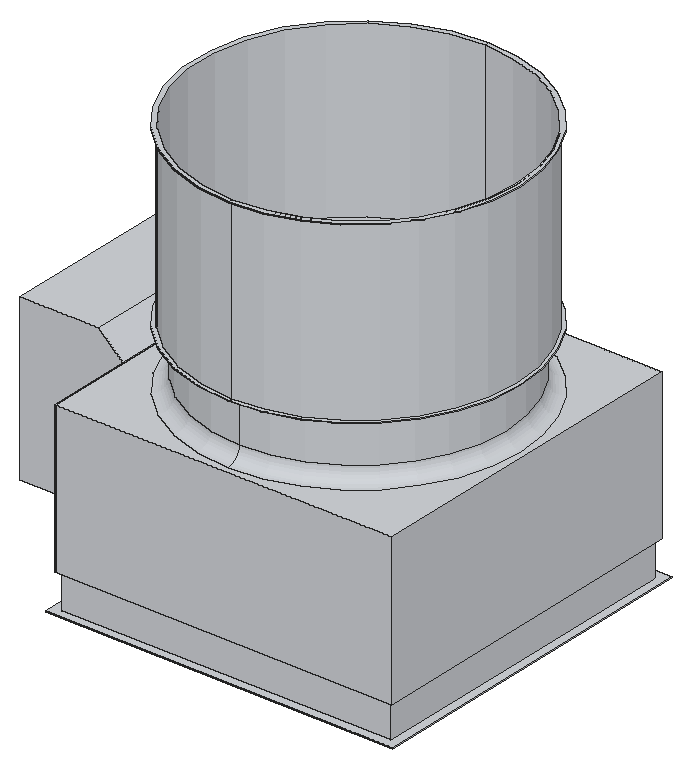
Revit family "LEUMO", category Mechanical Equipment, Revit 2019
Family settings
  Round Connector Dimension = Use Diameter
  Part Type = Normal
  Work Plane-Based = No
  Always vertical = Yes
  Cut with Voids When Loaded = No
  Shared = No
  Room Calculation Point = No
Parameters (values of type "60_LEUMO")
  T_SQ/4 = T_SQ / 4  # 17 29/32"
  RO = T_SQ - 4 1/2"  # 67 1/8"
  Unit Weight [instance] = ""
  T_SQ/2 = T_SQ / 2  # 35 13/16"
  T_SQ = 71 5/8"
  Sones [instance] = ""
  RO/2 = RO / 2  # 33 9/16"
  Motor RPM [instance] = ""
  Motor Enclosure [instance] = ""
  ModelID [instance] = ""
  LwA [instance] = ""
  Fan RPM [instance] = ""
  CH [instance] = if(CURB, CURB_HEIGHT, 0")  # 9 1/2"
  BASE_LOCATION [instance] = if(CURB, CURB_HEIGHT - 2", 0")  # 7 1/2"
  B = 32"
  CURB_HEIGHT [instance] = 9 1/2"
  CURB [instance] = yes
  WB HEIGHT = C / 4 * 3  # 38 1/16"
  C/2 = C / 2  # 25 3/8"
  C = 50 3/4"
  Accessories [instance] = ""
  D/2 = D / 2  # 33 5/8"
  D = 67 1/4"
  A = 93 11/16"
  3" = 3"  # constant formula
  Brake Hp [instance] = ""
  4" = 4"  # constant formula
  2' = 24"
  2" = 2"  # constant formula
  1' = 12"  # constant formula
  1" = 1"  # constant formula
  0 = 0"  # constant formula
  Voltage [instance] = 0 V
  URL = "www.lorencook.com"
  Type Comments = "Upblast Exhaust Ventilator Low Pressure X-Stream Propeller Roof Mounted/Belt Drive"  # constant formula
  Static Pressure [instance] = 0.00 in-wg
  Power [instance] = Voltage * Motor FLA * sqrt(if(Phase = 3, 3, 1))  # 0 VA
  Phase [instance] = 0
  Number of Poles [instance] = 1
  Motor Hp [instance] = "0"
  Motor FLA [instance] = 0 A
  Model = "LXULMO"  # constant formula
  Manufacturer = "Loren Cook Company"
  CFM [instance] = 0 CFM
  1.5 = 1 1/2"  # constant formula
  ONE EIGTH = 1/8"  # constant formula
  -T_SQ/4 = -T_SQ / 4  # -17 29/32"
  -D+4" = -21"
  -D+2" = -23"
  -D = -25"
  (T_SQ/2)+.125" = (T_SQ / 2) + 1/8"  # 35 15/16"
  (D/2)-2" = (D / 2) - 2"  # 31 5/8"
Types (9): name | T_SQ/4 | RO | Unit Weight | T_SQ/2 | T_SQ | RO/2 | B | WB HEIGHT | C/2 | C | D/2 | D | A | -T_SQ/4 | -D+4" | -D+2" | -D | (T_SQ/2)+.125" | (D/2)-2"
  (no name) | 17 29/32" | 67 1/8" | "" | 35 13/16" | 71 5/8" | 33 9/16" | 32" | 38 1/16" | 25 3/8" | 50 3/4" | 33 5/8" | 67 1/4" | 93 11/16" | -17 29/32" | -21" | -23" | -25" | 35 15/16" | 31 5/8"
  20_LEUMO | 7 29/32" | 27 1/8" | "250" | 15 13/16" | 31 5/8" | 13 9/16" | 22" | 18 27/32" | 12 9/16" | 25 1/8" | 13 5/8" | 27 1/4" | 44 13/16" | -7 29/32" | -15" | -17" | -19" | 15 15/16" | 11 5/8"
  24_LEUMO | 8 29/32" | 31 1/8" | "" | 17 13/16" | 35 5/8" | 15 9/16" | 22" | 20 1/16" | 13 3/8" | 26 3/4" | 15 5/8" | 31 1/4" | 48 13/16" | -8 29/32" | -14" | -16" | -18" | 17 15/16" | 13 5/8"
  30_LEUMO | 10 13/32" | 37 1/8" | "" | 20 13/16" | 41 5/8" | 18 9/16" | 22" | 25 5/16" | 16 7/8" | 33 3/4" | 18 5/8" | 37 1/4" | 54 13/16" | -10 13/32" | -14" | -16" | -18" | 20 15/16" | 16 5/8"
  36_LEUMO | 11 29/32" | 43 1/8" | "" | 23 13/16" | 47 5/8" | 21 9/16" | 24" | 28 1/2" | 19" | 38" | 21 5/8" | 43 1/4" | 64 13/16" | -11 29/32" | -14" | -16" | -18" | 23 15/16" | 19 5/8"
  42_LEUMO | 13 13/32" | 49 1/8" | "" | 26 13/16" | 53 5/8" | 24 9/16" | 24" | 34 25/32" | 23 3/16" | 46 3/8" | 24 5/8" | 49 1/4" | 70 11/16" | -13 13/32" | -14" | -16" | -18" | 26 15/16" | 22 5/8"
  48_LEUMO | 14 29/32" | 55 1/8" | "" | 29 13/16" | 59 5/8" | 27 9/16" | 24" | 37 7/32" | 24 13/16" | 49 5/8" | 27 5/8" | 55 1/4" | 76 11/16" | -14 29/32" | -17" | -19" | -21" | 29 15/16" | 25 5/8"
  54_LEUMO | 16 13/32" | 61 1/8" | "" | 32 13/16" | 65 5/8" | 30 9/16" | 28" | 36" | 24" | 48" | 30 5/8" | 61 1/4" | 83 11/16" | -16 13/32" | -21" | -23" | -25" | 32 15/16" | 28 5/8"
  60_LEUMO | 17 29/32" | 67 1/8" | "" | 35 13/16" | 71 5/8" | 33 9/16" | 32" | 38 1/16" | 25 3/8" | 50 3/4" | 33 5/8" | 67 1/4" | 93 11/16" | -17 29/32" | -21" | -23" | -25" | 35 15/16" | 31 5/8"
Reference planes (in)
  plane 1 "Center (Front/Back)": y = 0
  plane 2: z = 0
  plane 3 "Center (Left/Right)": x = 0.40541
  plane 4: z = 9.5
  plane 5: z = 7.5
Forms (in)
  Extrusion 1, solid
    sketch origin (-23.38441, -180, 7.5) x (-1, 0, 0) y (0, -1, 0)
      loop
        line (12.14767, -215.9375) -> (12.14767, -144.0625) -> (-59.72733, -144.0625) -> (-59.72733, -215.9375) -> (12.14767, -215.9375)
    from 0 to 32 <- "B"
  Extrusion 2, void
    sketch origin (-23.38441, -180, 39.5) x (0, -1, 0) y (-1, 0, 0)
      loop
        line (-215.8125, 12.02267) -> (-215.8125, -59.60233) -> (-144.1875, -59.60233) -> (-144.1875, 12.02267) -> (-215.8125, 12.02267)
    from 0.125 to 32 <- "B"
  Revolve 3, solid
    sketch origin (0.40541, 0, 0) x (0, 1, 0) y (0, 0, 1)
      loop
        line (0, 39.5) -> (0, 54.5) -> (-31.625, 54.5) -> (-31.625, 42.5)
        arc (-31.625, 42.5) -> (-32.50368, 40.37868) -> (-34.625, 39.5) r 3
        line (-34.625, 39.5) -> (0, 39.5)
      axis (0, 39.5) -> (0, 54.5)
    angle from 0 to 360
  Revolve 4, solid
    sketch origin (0.40541, 0, 0) x (0, 1, 0) y (0, 0, 1)
      loop
        line (-34.625, 90.25) -> (-34.625, 90.125) -> (-33.75, 90.125) -> (-33.75, 52.3125) -> (-34.625, 52.3125) -> (-34.625, 52.1875) -> (-33.625, 52.1875) -> (-33.625, 90.25) -> (-34.625, 90.25)
      axis (0, 52.1875) -> (0, 90.25)
    angle from 0 to 360
  Extrusion 5, solid, visible <- "CURB"
    sketch origin (27.16619, -180, 9.5) x (0, -1, 0) y (-1, 0, 0)
      loop
        line (-213.5625, 60.32327) -> (-213.5625, -6.80173) -> (-146.4375, -6.80173) -> (-146.4375, 60.32327) -> (-213.5625, 60.32327)
      loop
        line (-144.9375, -8.30173) -> (-144.9375, 61.82327) -> (-215.0625, 61.82327) -> (-215.0625, -8.30173) -> (-144.9375, -8.30173)
    from 0 to 9.5 <- "CURB_HEIGHT"
  Extrusion 6, solid, visible <- "CURB"
    sketch origin (27.16619, -180, 0) x (1, 0, 0) y (0, -1, 0)
      loop
        line (-61.82327, -215.0625) -> (8.30173, -215.0625) -> (8.30173, -144.9375) -> (-61.82327, -144.9375) -> (-61.82327, -215.0625)
      loop
        line (-63.82327, -217.0625) -> (10.30173, -217.0625) -> (10.30173, -142.9375) -> (-63.82327, -142.9375) -> (-63.82327, -217.0625)
    from 0 to -0.125
  Extrusion 7, solid
    sketch origin (0, 0, 0) x (1, 0, 0) y (0, 0, 1)
      loop
        line (-35.53209, 9.5) -> (-35.53209, 39.5) -> (-40.53209, 44.5) -> (-57.34459, 44.5) -> (-57.34459, 9.5) -> (-35.53209, 9.5)
    from 17.90625 <- "T_SQ/4" to -17.90625 <- "-T_SQ/4"
  Extrusion 8, solid
    sketch origin (27.16619, -180, 9.5) x (0, -1, 0) y (-1, 0, 0)
      loop
        line (-215.8125, 62.57327) -> (-215.8125, -9.05173) -> (-144.1875, -9.05173) -> (-144.1875, 62.57327) -> (-215.8125, 62.57327)
      loop
        line (-144.9375, -8.30173) -> (-144.9375, 61.82327) -> (-215.0625, 61.82327) -> (-215.0625, -8.30173) -> (-144.9375, -8.30173)
    from 0 to -0.125
Cuts and joins
  Extrusion 2 cuts Extrusion 1
Dimensions and locks (in)
  "(T_SQ/2)+.125"": Extrusion 1 sketch curve to plane 3 "Center (Left/Right)"
  "(T_SQ/2)+.125"": plane 3 "Center (Left/Right)" to Extrusion 1 sketch curve
  "(T_SQ/2)+.125"": plane 1 "Center (Front/Back)" to Extrusion 1 sketch curve
  "(T_SQ/2)+.125"": Extrusion 1 sketch curve to plane 1 "Center (Front/Back)"
  "T_SQ/2": Extrusion 2 sketch curve to plane 3 "Center (Left/Right)"
  "T_SQ/2": plane 3 "Center (Left/Right)" to Extrusion 2 sketch curve
  "T_SQ/2": plane 1 "Center (Front/Back)" to Extrusion 2 sketch curve
  "T_SQ/2": Extrusion 2 sketch curve to plane 1 "Center (Front/Back)"
  "(D/2)-2"": plane 1 "Center (Front/Back)" to Revolve 3 sketch curve
  "1'": Revolve 3 sketch curve to Revolve 3 sketch curve
  "0": Revolve 3 sketch curve to cut or joined group of Extrusion 1, Extrusion 2
  "0": Revolve 3 sketch curve to plane 1 "Center (Front/Back)"  (x2)
  "D/2": plane 1 "Center (Front/Back)" to Revolve 4 sketch curve
  "ONE EIGTH": Revolve 4 sketch curve to Revolve 4 sketch curve  (x3)
  "C": Revolve 4 sketch curve to cut or joined group of Extrusion 1, Extrusion 2
  "1"": Revolve 4 sketch curve to Revolve 4 sketch curve  (x2)
  "WB HEIGHT": Revolve 4 sketch curve to Revolve 4 sketch curve
  "0": Revolve 4 sketch curve to plane 1 "Center (Front/Back)"
  "1.5": Extrusion 5 sketch curve to Extrusion 5 sketch curve  (x4)
  "RO/2": Extrusion 5 sketch curve to plane 3 "Center (Left/Right)"
  "RO/2": plane 3 "Center (Left/Right)" to Extrusion 5 sketch curve
  "RO/2": plane 1 "Center (Front/Back)" to Extrusion 5 sketch curve
  "RO/2": Extrusion 5 sketch curve to plane 1 "Center (Front/Back)"
  "0": Extrusion 5 to Extrusion 6 sketch curve  (x2)
  "0": Extrusion 6 sketch curve to Extrusion 5  (x2)
  "CH": plane 4 to level
  "BASE_LOCATION": plane 5 to level
  locked: Extrusion 7 sketch curve to plane 5 at 2
  "A": cut or joined group of Extrusion 1, Extrusion 2 to Extrusion 7 sketch curve
  "2"": Extrusion 6 sketch curve to Extrusion 6 sketch curve  (x4)
  "3"": radius of Revolve 3 sketch curve
  aligned and locked: Extrusion 7 sketch curve to cut or joined group of Extrusion 1, Extrusion 2
  aligned and locked: cut or joined group of Extrusion 1, Extrusion 2 to Extrusion 7 sketch curve
  aligned and locked: Extrusion 8 sketch curve to cut or joined group of Extrusion 1, Extrusion 2  (x4)
  aligned and locked: Extrusion 8 sketch curve to Extrusion 5  (x4)
Automatic sketch dimensions
  Revolve 3 sketch curve to Revolve 3 sketch curve = 0"
  Revolve 3 sketch curve to Revolve 3 sketch curve = 2 1/4"
  Revolve 4 sketch curve to Revolve 4 sketch curve = 1 3/4"
  Revolve 4 sketch curve to Revolve 4 sketch curve = 2"
  Extrusion 7 sketch curve to Extrusion 7 sketch curve = 5"  (x2)
Connectors (in)
  hvac at (0.40541, 0, 9.5), driven by "CFM", driven by "RO", driven by "RO"
    settings: on Extrusion 8, index 4, duct flow 0 CFM, flow factor 0, pres drop 0.00 in-wg, loss coef 0, conn angle 0.00°, conn width 67 1/8", conn height 67 1/8", conn diameter 24", duct sys type 3, conn prof type 1, flow config 0, flow direction 1, loss method 0, conn ref index -1, conn util no, is conn primary yes, conn desc ""
  electrical at (-46.43834, 0, 9.5), driven by "Number of Poles", driven by "Voltage", driven by "Power"
    settings: on Extrusion 7, index 5, voltage 0 V, apparent load 0 VA, apparent load phase1 0 VA, apparent load phase2 0 VA, apparent load phase3 0 VA, power factor 1, load classification "Other", number of poles 1, system type 30, power factor state 1, is connector primary yes, connector utility no, sub classification motor no, connector description ""
